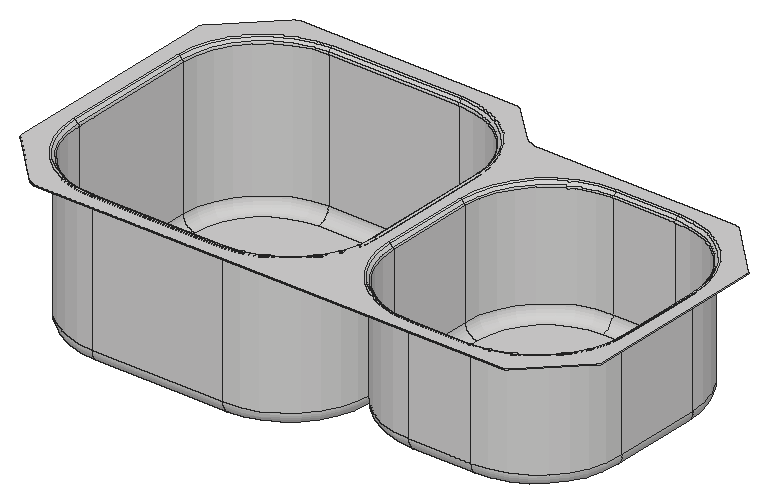
Revit family "Sink-Kitchen-KOHLER-Undertone-K-3356", category Plumbing Fixtures, host Face, Revit 2015 (continued)
Definition of nested family "K-3356"
  Lines and regions (in)
    Masking region 2
      outline origin (0, 0, 0) x (0, 1, 0) y (0, 0, 1)
        loop
          arc (5.55645, -12.56381) -> (5.58722, -12.55556) -> (5.60974, -12.53305) r 0.06152
          line (5.60974, -12.53305) -> (5.75547, -12.28062) -> (5.75547, -11.96981) -> (5.62097, -11.96981) -> (5.62097, -11.57886)
          arc (5.62097, -11.57886) -> (5.68774, -11.36712) -> (5.86388, -11.23196) r 0.36917
          line (5.86388, -11.23196) -> (6.24979, -11.0915)
          arc (6.24979, -11.0915) -> (6.30697, -11.0463) -> (6.32587, -10.97591) r 0.11592
          line (6.32587, -10.97591) -> (6.36862, -10.93316) -> (6.36862, -10.64881) -> (6.49662, -10.64881)
          arc (6.49662, -10.64881) -> (6.51702, -10.64036) -> (6.52547, -10.61995) r 0.02885
          line (6.52547, -10.61995) -> (6.52547, -10.54817)
          arc (6.52547, -10.54817) -> (6.54286, -10.50619) -> (6.58483, -10.48881) r 0.05936
          line (6.58483, -10.48881) -> (6.90495, -10.48881)
          arc (6.90495, -10.48881) -> (6.92653, -10.47987) -> (6.93547, -10.45828) r 0.03053
          line (6.93547, -10.45828) -> (6.93547, -9.83569) -> (6.36862, -9.83569) -> (6.36862, -9.75) -> (6.87477, -9.75) -> (6.94793, -9.72623)
          arc (6.94793, -9.72623) -> (6.9725, -9.71371) -> (6.992, -9.69421) r 0.08813
          line (6.992, -9.69421) -> (7.03905, -9.62945)
          arc (7.03905, -9.62945) -> (7.06063, -9.60895) -> (7.08813, -9.59752) r 0.08187
          line (7.08813, -9.59752) -> (8.15582, -9.36871)
          arc (8.15582, -9.36871) -> (8.79459, -9.35347) -> (9.43331, -9.33689) r 302.93131
          arc (9.43331, -9.33689) -> (10.00223, -9.10123) -> (10.23789, -8.53231) r 0.80457
          line (10.23789, -8.53231) -> (10.23789, -0.31258)
          arc (10.23789, -0.31258) -> (10.24572, -0.27322) -> (10.26801, -0.23986) r 0.10285
          line (10.26801, -0.23986) -> (10.43, -0.07787)
          arc (10.43, -0.07787) -> (10.46308, -0.05576) -> (10.50211, -0.048) r 0.10199
          line (10.50211, -0.048) -> (11.3125, -0.048) -> (11.3125, 0) -> (-8.8125, 0) -> (-8.8125, -0.048)
    Masking region 3
      outline origin (0, 0, 0) x (1, 0, 0) y (0, 1, 0)
        loop
          line (-24.01792, 11.17406) -> (-26.98656, 8.20542)
          arc (-26.98656, 8.20542) -> (-27.08902, 8.05208) -> (-27.125, 7.8712) r 0.47266
          line (-27.125, 7.8712) -> (-27.125, -5.37125)
          arc (-27.125, -5.37125) -> (-27.08902, -5.55212) -> (-26.98656, -5.70546) r 0.47266
          line (-26.98656, -5.70546) -> (-24.01796, -8.67406)
          arc (-24.01796, -8.67406) -> (-23.86462, -8.77652) -> (-23.68375, -8.8125) r 0.47266
          line (-23.68375, -8.8125) -> (4.55974, -8.8125)
          arc (4.55974, -8.8125) -> (4.74061, -8.77652) -> (4.89395, -8.67406) r 0.47266
          line (4.89395, -8.67406) -> (7.86156, -5.70645)
          arc (7.86156, -5.70645) -> (7.96402, -5.55311) -> (8, -5.37224) r 0.47266
          line (8, -5.37224) -> (8, 5.37219)
          arc (8, 5.37219) -> (7.96402, 5.55307) -> (7.86156, 5.70641) r 0.47266
          line (7.86156, 5.70641) -> (4.89391, 8.67406)
          arc (4.89391, 8.67406) -> (4.74057, 8.77652) -> (4.55969, 8.8125) r 0.47266
          line (4.55969, 8.8125) -> (-7.29594, 8.8125)
          arc (-7.29594, 8.8125) -> (-7.87668, 8.92802) -> (-8.369, 9.25698) r 1.51754
          line (-8.369, 9.25698) -> (-10.28588, 11.17385)
          arc (-10.28588, 11.17385) -> (-10.43945, 11.27647) -> (-10.6206, 11.3125) r 0.47337
          line (-10.6206, 11.3125) -> (-23.6837, 11.3125)
          arc (-23.6837, 11.3125) -> (-23.86458, 11.27652) -> (-24.01792, 11.17406) r 0.47266
    symbolic lines, detail levels medium+fine
      curve 1: line (-26.31537, 0, -0.048) -> (-7.80963, 0, -0.048)
      curve 2: line (-7.18925, 0, -0.048) -> (7.18925, 0, -0.048)
      curve 3: arc (-13.88217, 0, -9.43043) -> (-17.0625, 0, -9.44486) -> (-20.24283, 0, -9.43043) r 350.49261
      curve 4: line (-18.74362, 0, -9.75) -> (-15.38138, 0, -9.75)
      curve 5: line (-18.74362, 0, -9.83569) -> (-15.38138, 0, -9.83569)
      curve 6: line (-18.95983, 0, -10.48881) -> (-15.16517, 0, -10.48881)
      curve 7: line (-18.74362, 0, -10.64881) -> (-15.38138, 0, -10.64881)
      curve 8: line (-17.99597, 0, -11.96981) -> (-16.12903, 0, -11.96981)
      curve 9: line (-18.13047, 0, -12.28062) -> (-15.99453, 0, -12.28062)
      curve 10: line (-18.74362, 0, -10.93316) -> (-15.38138, 0, -10.93316)
      curve 11: line (-18.70087, 0, -10.97591) -> (-15.42413, 0, -10.97591)
      curve 12: line (-1.68112, 0, -7.75) -> (1.68112, 0, -7.75)
      curve 13: line (-1.68112, 0, -7.83225) -> (1.68112, 0, -7.83225)
      curve 14: line (-1.89733, 0, -8.42225) -> (1.89733, 0, -8.42225)
      curve 15: line (-1.68112, 0, -8.58225) -> (1.68112, 0, -8.58225)
      curve 16: line (-1.68112, 0, -8.86661) -> (1.68112, 0, -8.86661)
      curve 17: line (-1.63837, 0, -8.90936) -> (1.63837, 0, -8.90936)
      curve 18: line (-0.93347, 0, -9.90325) -> (0.93347, 0, -9.90325)
      curve 19: line (-1.06797, 0, -10.21406) -> (1.06797, 0, -10.21406)
      curve 20: arc (-2.40063, 0, -7.53097) -> (0, 0, -7.58285) -> (2.40063, 0, -7.53097) r 55.56216
      curve 21: line (0, 10.50211, -0.048) -> (0, -8.00216, -0.048)
      curve 22: arc (0, 8.15582, -9.36871) -> (0, 4.86572, -9.45539) -> (0, 1.5745, -9.44486) r 111.43555
      curve 23: arc (0, -0.94079, -9.43952) -> (0, -0.00075, -9.44486) -> (0, 0.93931, -9.44728) r 302.93131
      curve 24: line (0, 6.36862, -9.75) -> (0, 3.00638, -9.75)
      curve 25: line (0, 6.36862, -9.83569) -> (0, 3.00638, -9.83569)
      curve 26: line (0, 6.58483, -10.48881) -> (0, 2.79017, -10.48881)
      curve 27: line (0, 6.36862, -10.64881) -> (0, 3.00638, -10.64881)
      curve 28: line (0, 6.36862, -10.93316) -> (0, 3.00638, -10.93316)
      curve 29: line (0, 6.32587, -10.97591) -> (0, 3.04913, -10.97591)
      curve 30: line (0, 5.62097, -11.96981) -> (0, 3.75403, -11.96981)
      curve 31: line (0, 5.75547, -12.28062) -> (0, 3.61953, -12.28062)
      curve 32: line (0, 0.93347, -9.90358) -> (0, -0.93347, -9.90358)
      curve 33: line (0, 1.06797, -10.21406) -> (0, -1.06797, -10.21406)
      curve 34: arc (-17.15808, 5.96722, 0) -> (-17.0625, 6.0628, 0) -> (-16.96692, 5.96722, 0) r 0.09558
      curve 35: arc (-16.96692, 5.96722, 0) -> (-17.0625, 5.87165, 0) -> (-17.15808, 5.96722, 0) r 0.09558
      curve 36: arc (-17.44044, 5.91387, 0) -> (-17.36853, 6.02832, 0) -> (-17.25408, 5.9564, 0) r 0.09558
      curve 37: arc (-17.25408, 5.9564, 0) -> (-17.32599, 5.84196, 0) -> (-17.44044, 5.91387, 0) r 0.09558
      curve 38: arc (-17.70386, 5.79902, 0) -> (-17.65921, 5.9266, 0) -> (-17.53163, 5.88196, 0) r 0.09558
      curve 39: arc (-17.53163, 5.88196, 0) -> (-17.57628, 5.75438, 0) -> (-17.70386, 5.79902, 0) r 0.09558
      curve 40: arc (-17.93511, 5.62844, 0) -> (-17.91998, 5.76276, 0) -> (-17.78566, 5.74762, 0) r 0.09558
      curve 41: arc (-17.78566, 5.74762, 0) -> (-17.8008, 5.61331, 0) -> (-17.93511, 5.62844, 0) r 0.09558
      curve 42: arc (-18.12261, 5.41068, 0) -> (-18.13774, 5.54499, 0) -> (-18.00343, 5.56013, 0) r 0.09558
      curve 43: arc (-18.00343, 5.56013, 0) -> (-17.98829, 5.42581, 0) -> (-18.12261, 5.41068, 0) r 0.09558
      curve 44: arc (-18.25695, 5.15665, 0) -> (-18.30159, 5.28423, 0) -> (-18.17401, 5.32887, 0) r 0.09558
      curve 45: arc (-18.17401, 5.32887, 0) -> (-18.12937, 5.20129, 0) -> (-18.25695, 5.15665, 0) r 0.09558
      curve 46: arc (-18.28886, 5.06546, 0) -> (-18.21695, 4.95101, 0) -> (-18.3314, 4.8791, 0) r 0.09558
      curve 47: arc (-18.3314, 4.8791, 0) -> (-18.40331, 4.99355, 0) -> (-18.28886, 5.06546, 0) r 0.09558
      curve 48: arc (-18.01185, 4.89547, 0) -> (-18.07322, 5.0159, 0) -> (-17.95278, 5.07726, 0) r 0.09558
      curve 49: arc (-17.95278, 5.07726, 0) -> (-17.89142, 4.95683, 0) -> (-18.01185, 4.89547, 0) r 0.09558
      curve 50: arc (-17.66364, 4.92421, 0) -> (-17.69863, 5.05477, 0) -> (-17.56807, 5.08975, 0) r 0.09558
      curve 51: arc (-17.56807, 5.08975, 0) -> (-17.53308, 4.95919, 0) -> (-17.66364, 4.92421, 0) r 0.09558
      curve 52: arc (-17.78877, 5.3333, 0) -> (-17.76762, 5.1998, 0) -> (-17.90112, 5.17866, 0) r 0.09558
      curve 53: arc (-17.90112, 5.17866, 0) -> (-17.92227, 5.31216, 0) -> (-17.78877, 5.3333, 0) r 0.09558
      curve 54: arc (-17.46475, 5.19307, 0) -> (-17.42977, 5.32363, 0) -> (-17.29921, 5.28864, 0) r 0.09558
      curve 55: arc (-17.29921, 5.28864, 0) -> (-17.33419, 5.15808, 0) -> (-17.46475, 5.19307, 0) r 0.09558
      curve 56: arc (-17.7083, 5.41377, 0) -> (-17.5748, 5.39262, 0) -> (-17.55366, 5.52612, 0) r 0.09558
      curve 57: arc (-17.55366, 5.52612, 0) -> (-17.68716, 5.54727, 0) -> (-17.7083, 5.41377, 0) r 0.09558
      curve 58: arc (-17.45226, 5.57778, 0) -> (-17.3909, 5.69822, 0) -> (-17.27047, 5.63685, 0) r 0.09558
      curve 59: arc (-17.27047, 5.63685, 0) -> (-17.33183, 5.51642, 0) -> (-17.45226, 5.57778, 0) r 0.09558
      curve 60: arc (-17.15808, 5.65465, 0) -> (-17.0625, 5.75023, 0) -> (-16.96692, 5.65465, 0) r 0.09558
      curve 61: arc (-16.96692, 5.65465, 0) -> (-17.0625, 5.55908, 0) -> (-17.15808, 5.65465, 0) r 0.09558
      curve 62: arc (-17.15808, 5.32646, 0) -> (-17.0625, 5.42204, 0) -> (-16.96692, 5.32646, 0) r 0.09558
      curve 63: arc (-16.96692, 5.32646, 0) -> (-17.0625, 5.23088, 0) -> (-17.15808, 5.32646, 0) r 0.09558
      curve 64: arc (-15.78278, 4.78308, 0) -> (-15.6872, 4.6875, 0) -> (-15.78278, 4.59192, 0) r 0.09558
      curve 65: arc (-15.78278, 4.59192, 0) -> (-15.87835, 4.6875, 0) -> (-15.78278, 4.78308, 0) r 0.09558
      curve 66: arc (-15.83613, 5.06544, 0) -> (-15.72168, 4.99353, 0) -> (-15.7936, 4.87908, 0) r 0.09558
      curve 67: arc (-15.7936, 4.87908, 0) -> (-15.90804, 4.95099, 0) -> (-15.83613, 5.06544, 0) r 0.09558
      curve 68: arc (-15.95098, 5.32886, 0) -> (-15.8234, 5.28421, 0) -> (-15.86804, 5.15663, 0) r 0.09558
      curve 69: arc (-15.86804, 5.15663, 0) -> (-15.99562, 5.20128, 0) -> (-15.95098, 5.32886, 0) r 0.09558
      curve 70: arc (-16.12156, 5.56011, 0) -> (-15.98724, 5.54498, 0) -> (-16.00238, 5.41066, 0) r 0.09558
      curve 71: arc (-16.00238, 5.41066, 0) -> (-16.13669, 5.4258, 0) -> (-16.12156, 5.56011, 0) r 0.09558
      curve 72: arc (-16.33932, 5.74761, 0) -> (-16.20501, 5.76274, 0) -> (-16.18987, 5.62843, 0) r 0.09558
      curve 73: arc (-16.18987, 5.62843, 0) -> (-16.32419, 5.61329, 0) -> (-16.33932, 5.74761, 0) r 0.09558
      curve 74: arc (-16.59335, 5.88195, 0) -> (-16.46577, 5.92659, 0) -> (-16.42113, 5.79901, 0) r 0.09558
      curve 75: arc (-16.42113, 5.79901, 0) -> (-16.54871, 5.75437, 0) -> (-16.59335, 5.88195, 0) r 0.09558
      curve 76: arc (-16.68454, 5.91386, 0) -> (-16.79899, 5.84195, 0) -> (-16.8709, 5.9564, 0) r 0.09558
      curve 77: arc (-16.8709, 5.9564, 0) -> (-16.75645, 6.02831, 0) -> (-16.68454, 5.91386, 0) r 0.09558
      curve 78: arc (-16.85453, 5.63685, 0) -> (-16.7341, 5.69822, 0) -> (-16.67274, 5.57778, 0) r 0.09558
      curve 79: arc (-16.67274, 5.57778, 0) -> (-16.79317, 5.51642, 0) -> (-16.85453, 5.63685, 0) r 0.09558
      curve 80: arc (-16.82579, 5.28864, 0) -> (-16.69523, 5.32363, 0) -> (-16.66025, 5.19307, 0) r 0.09558
      curve 81: arc (-16.66025, 5.19307, 0) -> (-16.79081, 5.15808, 0) -> (-16.82579, 5.28864, 0) r 0.09558
      curve 82: arc (-16.4167, 5.41377, 0) -> (-16.5502, 5.39262, 0) -> (-16.57134, 5.52612, 0) r 0.09558
      curve 83: arc (-16.57134, 5.52612, 0) -> (-16.43784, 5.54727, 0) -> (-16.4167, 5.41377, 0) r 0.09558
      curve 84: arc (-16.55693, 5.08975, 0) -> (-16.42637, 5.05477, 0) -> (-16.46136, 4.92421, 0) r 0.09558
      curve 85: arc (-16.46136, 4.92421, 0) -> (-16.59192, 4.95919, 0) -> (-16.55693, 5.08975, 0) r 0.09558
      curve 86: arc (-16.33623, 5.3333, 0) -> (-16.35738, 5.1998, 0) -> (-16.22388, 5.17866, 0) r 0.09558
      curve 87: arc (-16.22388, 5.17866, 0) -> (-16.20273, 5.31216, 0) -> (-16.33623, 5.3333, 0) r 0.09558
      curve 88: arc (-16.17222, 5.07726, 0) -> (-16.05178, 5.0159, 0) -> (-16.11315, 4.89547, 0) r 0.09558
      curve 89: arc (-16.11315, 4.89547, 0) -> (-16.23358, 4.95683, 0) -> (-16.17222, 5.07726, 0) r 0.09558
      curve 90: arc (-16.09535, 4.78308, 0) -> (-15.99977, 4.6875, 0) -> (-16.09535, 4.59192, 0) r 0.09558
      curve 91: arc (-16.09535, 4.59192, 0) -> (-16.19092, 4.6875, 0) -> (-16.09535, 4.78308, 0) r 0.09558
      curve 92: arc (-16.42354, 4.78308, 0) -> (-16.32796, 4.6875, 0) -> (-16.42354, 4.59192, 0) r 0.09558
      curve 93: arc (-16.42354, 4.59192, 0) -> (-16.51912, 4.6875, 0) -> (-16.42354, 4.78308, 0) r 0.09558
      curve 94: arc (-16.96692, 3.40778, 0) -> (-17.0625, 3.3122, 0) -> (-17.15808, 3.40778, 0) r 0.09558
      curve 95: arc (-17.15808, 3.40778, 0) -> (-17.0625, 3.50335, 0) -> (-16.96692, 3.40778, 0) r 0.09558
      curve 96: arc (-16.68456, 3.46113, 0) -> (-16.75647, 3.34668, 0) -> (-16.87092, 3.4186, 0) r 0.09558
      curve 97: arc (-16.87092, 3.4186, 0) -> (-16.79901, 3.53304, 0) -> (-16.68456, 3.46113, 0) r 0.09558
      curve 98: arc (-16.42114, 3.57598, 0) -> (-16.46579, 3.4484, 0) -> (-16.59337, 3.49304, 0) r 0.09558
      curve 99: arc (-16.59337, 3.49304, 0) -> (-16.54872, 3.62062, 0) -> (-16.42114, 3.57598, 0) r 0.09558
      curve 100: arc (-16.18989, 3.74656, 0) -> (-16.20502, 3.61224, 0) -> (-16.33934, 3.62738, 0) r 0.09558
      curve 101: arc (-16.33934, 3.62738, 0) -> (-16.3242, 3.76169, 0) -> (-16.18989, 3.74656, 0) r 0.09558
      curve 102: arc (-16.00239, 3.96432, 0) -> (-15.98726, 3.83001, 0) -> (-16.12157, 3.81487, 0) r 0.09558
      curve 103: arc (-16.12157, 3.81487, 0) -> (-16.13671, 3.94919, 0) -> (-16.00239, 3.96432, 0) r 0.09558
      curve 104: arc (-15.86805, 4.21835, 0) -> (-15.82341, 4.09077, 0) -> (-15.95099, 4.04613, 0) r 0.09558
      curve 105: arc (-15.95099, 4.04613, 0) -> (-15.99563, 4.17371, 0) -> (-15.86805, 4.21835, 0) r 0.09558
      curve 106: arc (-15.83614, 4.30954, 0) -> (-15.90805, 4.42399, 0) -> (-15.7936, 4.4959, 0) r 0.09558
      curve 107: arc (-15.7936, 4.4959, 0) -> (-15.72169, 4.38145, 0) -> (-15.83614, 4.30954, 0) r 0.09558
      curve 108: arc (-16.11315, 4.47953, 0) -> (-16.05178, 4.3591, 0) -> (-16.17222, 4.29774, 0) r 0.09558
      curve 109: arc (-16.17222, 4.29774, 0) -> (-16.23358, 4.41817, 0) -> (-16.11315, 4.47953, 0) r 0.09558
      curve 110: arc (-16.46136, 4.45079, 0) -> (-16.42637, 4.32023, 0) -> (-16.55693, 4.28525, 0) r 0.09558
      curve 111: arc (-16.55693, 4.28525, 0) -> (-16.59192, 4.41581, 0) -> (-16.46136, 4.45079, 0) r 0.09558
      curve 112: arc (-16.33623, 4.0417, 0) -> (-16.35738, 4.1752, 0) -> (-16.22388, 4.19634, 0) r 0.09558
      curve 113: arc (-16.22388, 4.19634, 0) -> (-16.20273, 4.06284, 0) -> (-16.33623, 4.0417, 0) r 0.09558
      curve 114: arc (-16.66025, 4.18193, 0) -> (-16.69523, 4.05137, 0) -> (-16.82579, 4.08636, 0) r 0.09558
      curve 115: arc (-16.82579, 4.08636, 0) -> (-16.79081, 4.21692, 0) -> (-16.66025, 4.18193, 0) r 0.09558
      curve 116: arc (-16.4167, 3.96123, 0) -> (-16.5502, 3.98238, 0) -> (-16.57134, 3.84888, 0) r 0.09558
      curve 117: arc (-16.57134, 3.84888, 0) -> (-16.43784, 3.82773, 0) -> (-16.4167, 3.96123, 0) r 0.09558
      curve 118: arc (-16.67274, 3.79722, 0) -> (-16.7341, 3.67678, 0) -> (-16.85453, 3.73815, 0) r 0.09558
      curve 119: arc (-16.85453, 3.73815, 0) -> (-16.79317, 3.85858, 0) -> (-16.67274, 3.79722, 0) r 0.09558
      curve 120: arc (-16.96692, 3.72035, 0) -> (-17.0625, 3.62477, 0) -> (-17.15808, 3.72035, 0) r 0.09558
      curve 121: arc (-17.15808, 3.72035, 0) -> (-17.0625, 3.81592, 0) -> (-16.96692, 3.72035, 0) r 0.09558
      curve 122: arc (-16.96692, 4.04854, 0) -> (-17.0625, 3.95296, 0) -> (-17.15808, 4.04854, 0) r 0.09558
      curve 123: arc (-17.15808, 4.04854, 0) -> (-17.0625, 4.14412, 0) -> (-16.96692, 4.04854, 0) r 0.09558
      curve 124: arc (-18.34222, 4.59192, 0) -> (-18.4378, 4.6875, 0) -> (-18.34222, 4.78308, 0) r 0.09558
      curve 125: arc (-18.34222, 4.78308, 0) -> (-18.24665, 4.6875, 0) -> (-18.34222, 4.59192, 0) r 0.09558
      curve 126: arc (-18.28887, 4.30956, 0) -> (-18.40332, 4.38147, 0) -> (-18.3314, 4.49592, 0) r 0.09558
      curve 127: arc (-18.3314, 4.49592, 0) -> (-18.21696, 4.42401, 0) -> (-18.28887, 4.30956, 0) r 0.09558
      curve 128: arc (-18.17402, 4.04614, 0) -> (-18.3016, 4.09079, 0) -> (-18.25696, 4.21837, 0) r 0.09558
      curve 129: arc (-18.25696, 4.21837, 0) -> (-18.12938, 4.17372, 0) -> (-18.17402, 4.04614, 0) r 0.09558
      curve 130: arc (-18.00344, 3.81489, 0) -> (-18.13776, 3.83002, 0) -> (-18.12262, 3.96434, 0) r 0.09558
      curve 131: arc (-18.12262, 3.96434, 0) -> (-17.98831, 3.9492, 0) -> (-18.00344, 3.81489, 0) r 0.09558
      curve 132: arc (-17.78568, 3.62739, 0) -> (-17.91999, 3.61226, 0) -> (-17.93513, 3.74657, 0) r 0.09558
      curve 133: arc (-17.93513, 3.74657, 0) -> (-17.80081, 3.76171, 0) -> (-17.78568, 3.62739, 0) r 0.09558
      curve 134: arc (-17.53165, 3.49305, 0) -> (-17.65923, 3.44841, 0) -> (-17.70387, 3.57599, 0) r 0.09558
      curve 135: arc (-17.70387, 3.57599, 0) -> (-17.57629, 3.62063, 0) -> (-17.53165, 3.49305, 0) r 0.09558
      curve 136: arc (-17.44046, 3.46114, 0) -> (-17.32601, 3.53305, 0) -> (-17.2541, 3.4186, 0) r 0.09558
      curve 137: arc (-17.2541, 3.4186, 0) -> (-17.36855, 3.34669, 0) -> (-17.44046, 3.46114, 0) r 0.09558
      curve 138: arc (-17.27047, 3.73815, 0) -> (-17.3909, 3.67678, 0) -> (-17.45226, 3.79722, 0) r 0.09558
      curve 139: arc (-17.45226, 3.79722, 0) -> (-17.33183, 3.85858, 0) -> (-17.27047, 3.73815, 0) r 0.09558
      curve 140: arc (-17.29921, 4.08636, 0) -> (-17.42977, 4.05137, 0) -> (-17.46475, 4.18193, 0) r 0.09558
      curve 141: arc (-17.46475, 4.18193, 0) -> (-17.33419, 4.21692, 0) -> (-17.29921, 4.08636, 0) r 0.09558
      curve 142: arc (-17.7083, 3.96123, 0) -> (-17.5748, 3.98238, 0) -> (-17.55366, 3.84888, 0) r 0.09558
      curve 143: arc (-17.55366, 3.84888, 0) -> (-17.68716, 3.82773, 0) -> (-17.7083, 3.96123, 0) r 0.09558
      curve 144: arc (-17.56807, 4.28525, 0) -> (-17.69863, 4.32023, 0) -> (-17.66364, 4.45079, 0) r 0.09558
      curve 145: arc (-17.66364, 4.45079, 0) -> (-17.53308, 4.41581, 0) -> (-17.56807, 4.28525, 0) r 0.09558
      curve 146: arc (-17.78877, 4.0417, 0) -> (-17.76762, 4.1752, 0) -> (-17.90112, 4.19634, 0) r 0.09558
      curve 147: arc (-17.90112, 4.19634, 0) -> (-17.92227, 4.06284, 0) -> (-17.78877, 4.0417, 0) r 0.09558
      curve 148: arc (-17.95278, 4.29774, 0) -> (-18.07322, 4.3591, 0) -> (-18.01185, 4.47953, 0) r 0.09558
      curve 149: arc (-18.01185, 4.47953, 0) -> (-17.89142, 4.41817, 0) -> (-17.95278, 4.29774, 0) r 0.09558
      curve 150: arc (-18.02965, 4.59192, 0) -> (-18.12523, 4.6875, 0) -> (-18.02965, 4.78308, 0) r 0.09558
      curve 151: arc (-18.02965, 4.78308, 0) -> (-17.93408, 4.6875, 0) -> (-18.02965, 4.59192, 0) r 0.09558
      curve 152: arc (-17.70146, 4.59192, 0) -> (-17.79704, 4.6875, 0) -> (-17.70146, 4.78308, 0) r 0.09558
      curve 153: arc (-17.70146, 4.78308, 0) -> (-17.60588, 4.6875, 0) -> (-17.70146, 4.59192, 0) r 0.09558
      curve 157: line (-20.99924, 10.07379, 0) -> (-13.12576, 10.07379, 0)
      curve 159: line (-25.88633, 5.18671, 0) -> (-25.88633, -2.68675, 0)
      curve 163: arc (-20.99924, 10.07379, 0) -> (-24.45493, 8.6424, 0) -> (-25.88633, 5.18671, 0) r 4.88709
      curve 167: line (-20.99924, -7.57384, 0) -> (-13.12576, -7.57384, 0)
      curve 170: arc (-13.12576, 10.07379, 0) -> (-9.67007, 8.6424, 0) -> (-8.23867, 5.18671, 0) r 4.88709
      curve 171: arc (-20.99924, -7.57384, 0) -> (-24.45493, -6.14244, 0) -> (-25.88633, -2.68675, 0) r 4.88709
      curve 172: arc (-13.12576, -7.57384, 0) -> (-9.67007, -6.14244, 0) -> (-8.23867, -2.68675, 0) r 4.88709
      curve 311: arc (-15.99562, 5.20129, 0) -> (-15.86805, 5.15665, 0) -> (-15.8234, 5.28422, 0) r 0.09558
      curve 312: arc (-15.83614, 5.06546, 0) -> (-15.90805, 4.95102, 0) -> (-15.7936, 4.8791, 0) r 0.09558
      curve 313: arc (-15.7936, 4.8791, 0) -> (-15.72169, 4.99355, 0) -> (-15.83614, 5.06546, 0) r 0.09558
      curve 314: arc (-15.78278, 4.59192, 0) -> (-15.6872, 4.6875, 0) -> (-15.78278, 4.78308, 0) r 0.09558
      curve 315: arc (-15.78278, 4.78308, 0) -> (-15.87835, 4.6875, 0) -> (-15.78278, 4.59192, 0) r 0.09558
      curve 316: arc (-15.83613, 4.30956, 0) -> (-15.72168, 4.38147, 0) -> (-15.79359, 4.49592, 0) r 0.09558
      curve 317: arc (-15.79359, 4.49592, 0) -> (-15.90804, 4.42401, 0) -> (-15.83613, 4.30956, 0) r 0.09558
      curve 318: arc (-15.99562, 4.17371, 0) -> (-15.95098, 4.04615, 0) -> (-15.8234, 4.09078, 0) r 0.09558
      curve 364: circle (-17.0625, 4.6875, 0) r 0.30557 normal (0, 0, 1)
      curve 365: line (-8.23867, 5.18671, 0) -> (-8.23867, -2.68675, 0)
      curve 366: circle (0, 0, 0) r 0.30897 normal (0, 0, 1)
      curve 369: arc (-0.09558, 1.27972, 0) -> (0, 1.3753, 0) -> (0.09558, 1.27972, 0) r 0.09558
      curve 370: arc (0.09558, 1.27972, 0) -> (0, 1.18415, 0) -> (-0.09558, 1.27972, 0) r 0.09558
      curve 371: arc (-0.37794, 1.22637, 0) -> (-0.30603, 1.34082, 0) -> (-0.19158, 1.2689, 0) r 0.09558
      curve 372: arc (-0.19158, 1.2689, 0) -> (-0.26349, 1.15446, 0) -> (-0.37794, 1.22637, 0) r 0.09558
      curve 373: arc (-0.64136, 1.11152, 0) -> (-0.59671, 1.2391, 0) -> (-0.46913, 1.19446, 0) r 0.09558
      curve 374: arc (-0.46913, 1.19446, 0) -> (-0.51378, 1.06688, 0) -> (-0.64136, 1.11152, 0) r 0.09558
      curve 375: arc (-0.87261, 0.94094, 0) -> (-0.85748, 1.07526, 0) -> (-0.72316, 1.06012, 0) r 0.09558
      curve 376: arc (-0.72316, 1.06012, 0) -> (-0.7383, 0.92581, 0) -> (-0.87261, 0.94094, 0) r 0.09558
      curve 377: arc (-0.94093, 0.87263, 0) -> (-0.92579, 0.73831, 0) -> (-1.06011, 0.72318, 0) r 0.09558
      curve 378: arc (-1.06011, 0.72318, 0) -> (-1.07524, 0.85749, 0) -> (-0.94093, 0.87263, 0) r 0.09558
      curve 379: arc (-1.19445, 0.46915, 0) -> (-1.23909, 0.59673, 0) -> (-1.11151, 0.64137, 0) r 0.09558
      curve 380: arc (-1.11151, 0.64137, 0) -> (-1.06687, 0.51379, 0) -> (-1.19445, 0.46915, 0) r 0.09558
      curve 381: arc (-1.2689, 0.1916, 0) -> (-1.34081, 0.30605, 0) -> (-1.22636, 0.37796, 0) r 0.09558
      curve 382: arc (-1.22636, 0.37796, 0) -> (-1.15445, 0.26351, 0) -> (-1.2689, 0.1916, 0) r 0.09558
      curve 383: arc (-0.94935, 0.20797, 0) -> (-1.01072, 0.3284, 0) -> (-0.89028, 0.38976, 0) r 0.09558
      curve 384: arc (-0.89028, 0.38976, 0) -> (-0.82892, 0.26933, 0) -> (-0.94935, 0.20797, 0) r 0.09558
      curve 385: arc (-0.72627, 0.6458, 0) -> (-0.85977, 0.62466, 0) -> (-0.83862, 0.49116, 0) r 0.09558
      curve 386: arc (-0.83862, 0.49116, 0) -> (-0.70512, 0.5123, 0) -> (-0.72627, 0.6458, 0) r 0.09558
      curve 387: arc (-0.49116, 0.83862, 0) -> (-0.62466, 0.85977, 0) -> (-0.6458, 0.72627, 0) r 0.09558
      curve 388: arc (-0.6458, 0.72627, 0) -> (-0.5123, 0.70512, 0) -> (-0.49116, 0.83862, 0) r 0.09558
      curve 389: arc (-0.20797, 0.94935, 0) -> (-0.3284, 1.01072, 0) -> (-0.38976, 0.89028, 0) r 0.09558
      curve 390: arc (-0.38976, 0.89028, 0) -> (-0.26933, 0.82892, 0) -> (-0.20797, 0.94935, 0) r 0.09558
      curve 391: arc (0.09558, 0.96715, 0) -> (0, 1.06273, 0) -> (-0.09558, 0.96715, 0) r 0.09558
      curve 392: arc (-0.09558, 0.96715, 0) -> (0, 0.87158, 0) -> (0.09558, 0.96715, 0) r 0.09558
      curve 393: arc (0.09558, 0.63896, 0) -> (0, 0.73454, 0) -> (-0.09558, 0.63896, 0) r 0.09558
      curve 394: arc (-0.09558, 0.63896, 0) -> (0, 0.54338, 0) -> (0.09558, 0.63896, 0) r 0.09558
      curve 395: arc (-0.23671, 0.60114, 0) -> (-0.36727, 0.63613, 0) -> (-0.40225, 0.50557, 0) r 0.09558
      curve 396: arc (-0.40225, 0.50557, 0) -> (-0.27169, 0.47058, 0) -> (-0.23671, 0.60114, 0) r 0.09558
      curve 397: arc (-0.60114, 0.23671, 0) -> (-0.47058, 0.27169, 0) -> (-0.50557, 0.40225, 0) r 0.09558
      curve 398: arc (-0.50557, 0.40225, 0) -> (-0.63613, 0.36727, 0) -> (-0.60114, 0.23671, 0) r 0.09558
      curve 399: arc (1.27972, 0.09558, 0) -> (1.3753, 0, 0) -> (1.27972, -0.09558, 0) r 0.09558
      curve 400: arc (1.27972, -0.09558, 0) -> (1.18415, 0, 0) -> (1.27972, 0.09558, 0) r 0.09558
      curve 401: arc (1.22637, 0.37794, 0) -> (1.34082, 0.30603, 0) -> (1.2689, 0.19158, 0) r 0.09558
      curve 402: arc (1.2689, 0.19158, 0) -> (1.15446, 0.26349, 0) -> (1.22637, 0.37794, 0) r 0.09558
      curve 403: arc (1.11152, 0.64136, 0) -> (1.2391, 0.59671, 0) -> (1.19446, 0.46913, 0) r 0.09558
      curve 404: arc (1.19446, 0.46913, 0) -> (1.06688, 0.51378, 0) -> (1.11152, 0.64136, 0) r 0.09558
      curve 405: arc (0.94094, 0.87261, 0) -> (1.07526, 0.85748, 0) -> (1.06012, 0.72316, 0) r 0.09558
      curve 406: arc (1.06012, 0.72316, 0) -> (0.92581, 0.7383, 0) -> (0.94094, 0.87261, 0) r 0.09558
      curve 407: arc (0.87263, 0.94093, 0) -> (0.73831, 0.92579, 0) -> (0.72318, 1.06011, 0) r 0.09558
      curve 408: arc (0.72318, 1.06011, 0) -> (0.85749, 1.07524, 0) -> (0.87263, 0.94093, 0) r 0.09558
      curve 409: arc (0.46915, 1.19445, 0) -> (0.59673, 1.23909, 0) -> (0.64137, 1.11151, 0) r 0.09558
      curve 410: arc (0.64137, 1.11151, 0) -> (0.51379, 1.06687, 0) -> (0.46915, 1.19445, 0) r 0.09558
      curve 411: arc (0.1916, 1.2689, 0) -> (0.30605, 1.34081, 0) -> (0.37796, 1.22636, 0) r 0.09558
      curve 412: arc (0.37796, 1.22636, 0) -> (0.26351, 1.15445, 0) -> (0.1916, 1.2689, 0) r 0.09558
      curve 413: arc (0.20797, 0.94935, 0) -> (0.3284, 1.01072, 0) -> (0.38976, 0.89028, 0) r 0.09558
      curve 414: arc (0.38976, 0.89028, 0) -> (0.26933, 0.82892, 0) -> (0.20797, 0.94935, 0) r 0.09558
      curve 415: arc (0.6458, 0.72627, 0) -> (0.62466, 0.85977, 0) -> (0.49116, 0.83862, 0) r 0.09558
      curve 416: arc (0.49116, 0.83862, 0) -> (0.5123, 0.70512, 0) -> (0.6458, 0.72627, 0) r 0.09558
      curve 417: arc (0.83862, 0.49116, 0) -> (0.85977, 0.62466, 0) -> (0.72627, 0.6458, 0) r 0.09558
      curve 418: arc (0.72627, 0.6458, 0) -> (0.70512, 0.5123, 0) -> (0.83862, 0.49116, 0) r 0.09558
      curve 419: arc (0.94935, 0.20797, 0) -> (1.01072, 0.3284, 0) -> (0.89028, 0.38976, 0) r 0.09558
      curve 420: arc (0.89028, 0.38976, 0) -> (0.82892, 0.26933, 0) -> (0.94935, 0.20797, 0) r 0.09558
      curve 421: arc (0.96715, -0.09558, 0) -> (1.06273, 0, 0) -> (0.96715, 0.09558, 0) r 0.09558
      curve 422: arc (0.96715, 0.09558, 0) -> (0.87158, 0, 0) -> (0.96715, -0.09558, 0) r 0.09558
      curve 423: arc (0.63896, -0.09558, 0) -> (0.73454, 0, 0) -> (0.63896, 0.09558, 0) r 0.09558
      curve 424: arc (0.63896, 0.09558, 0) -> (0.54338, 0, 0) -> (0.63896, -0.09558, 0) r 0.09558
      curve 425: arc (0.60114, 0.23671, 0) -> (0.63613, 0.36727, 0) -> (0.50557, 0.40225, 0) r 0.09558
      curve 426: arc (0.50557, 0.40225, 0) -> (0.47058, 0.27169, 0) -> (0.60114, 0.23671, 0) r 0.09558
      curve 427: arc (0.23671, 0.60114, 0) -> (0.27169, 0.47058, 0) -> (0.40225, 0.50557, 0) r 0.09558
      curve 428: arc (0.40225, 0.50557, 0) -> (0.36727, 0.63613, 0) -> (0.23671, 0.60114, 0) r 0.09558
      curve 429: arc (0.09558, -1.27972, 0) -> (0, -1.3753, 0) -> (-0.09558, -1.27972, 0) r 0.09558
      curve 430: arc (-0.09558, -1.27972, 0) -> (0, -1.18415, 0) -> (0.09558, -1.27972, 0) r 0.09558
      curve 431: arc (0.37794, -1.22637, 0) -> (0.30603, -1.34082, 0) -> (0.19158, -1.2689, 0) r 0.09558
      curve 432: arc (0.19158, -1.2689, 0) -> (0.26349, -1.15446, 0) -> (0.37794, -1.22637, 0) r 0.09558
      curve 433: arc (0.64136, -1.11152, 0) -> (0.59671, -1.2391, 0) -> (0.46913, -1.19446, 0) r 0.09558
      curve 434: arc (0.46913, -1.19446, 0) -> (0.51378, -1.06688, 0) -> (0.64136, -1.11152, 0) r 0.09558
      curve 435: arc (0.87261, -0.94094, 0) -> (0.85748, -1.07526, 0) -> (0.72316, -1.06012, 0) r 0.09558
      curve 436: arc (0.72316, -1.06012, 0) -> (0.7383, -0.92581, 0) -> (0.87261, -0.94094, 0) r 0.09558
      curve 437: arc (0.94093, -0.87263, 0) -> (0.92579, -0.73831, 0) -> (1.06011, -0.72318, 0) r 0.09558
      curve 438: arc (1.06011, -0.72318, 0) -> (1.07524, -0.85749, 0) -> (0.94093, -0.87263, 0) r 0.09558
      curve 439: arc (1.19445, -0.46915, 0) -> (1.23909, -0.59673, 0) -> (1.11151, -0.64137, 0) r 0.09558
      curve 440: arc (1.11151, -0.64137, 0) -> (1.06687, -0.51379, 0) -> (1.19445, -0.46915, 0) r 0.09558
      curve 441: arc (1.2689, -0.1916, 0) -> (1.34081, -0.30605, 0) -> (1.22636, -0.37796, 0) r 0.09558
      curve 442: arc (1.22636, -0.37796, 0) -> (1.15445, -0.26351, 0) -> (1.2689, -0.1916, 0) r 0.09558
      curve 443: arc (0.94935, -0.20797, 0) -> (1.01072, -0.3284, 0) -> (0.89028, -0.38976, 0) r 0.09558
      curve 444: arc (0.89028, -0.38976, 0) -> (0.82892, -0.26933, 0) -> (0.94935, -0.20797, 0) r 0.09558
      curve 445: arc (0.72627, -0.6458, 0) -> (0.85977, -0.62466, 0) -> (0.83862, -0.49116, 0) r 0.09558
      curve 446: arc (0.83862, -0.49116, 0) -> (0.70512, -0.5123, 0) -> (0.72627, -0.6458, 0) r 0.09558
      curve 447: arc (0.49116, -0.83862, 0) -> (0.62466, -0.85977, 0) -> (0.6458, -0.72627, 0) r 0.09558
      curve 448: arc (0.6458, -0.72627, 0) -> (0.5123, -0.70512, 0) -> (0.49116, -0.83862, 0) r 0.09558
      curve 449: arc (0.20797, -0.94935, 0) -> (0.3284, -1.01072, 0) -> (0.38976, -0.89028, 0) r 0.09558
      curve 450: arc (0.38976, -0.89028, 0) -> (0.26933, -0.82892, 0) -> (0.20797, -0.94935, 0) r 0.09558
      curve 451: arc (-0.09558, -0.96715, 0) -> (0, -1.06273, 0) -> (0.09558, -0.96715, 0) r 0.09558
      curve 452: arc (0.09558, -0.96715, 0) -> (0, -0.87158, 0) -> (-0.09558, -0.96715, 0) r 0.09558
      curve 453: arc (-0.09558, -0.63896, 0) -> (0, -0.73454, 0) -> (0.09558, -0.63896, 0) r 0.09558
      curve 454: arc (0.09558, -0.63896, 0) -> (0, -0.54338, 0) -> (-0.09558, -0.63896, 0) r 0.09558
      curve 455: arc (0.23671, -0.60114, 0) -> (0.36727, -0.63613, 0) -> (0.40225, -0.50557, 0) r 0.09558
      curve 456: arc (0.40225, -0.50557, 0) -> (0.27169, -0.47058, 0) -> (0.23671, -0.60114, 0) r 0.09558
      curve 457: arc (0.60114, -0.23671, 0) -> (0.47058, -0.27169, 0) -> (0.50557, -0.40225, 0) r 0.09558
      curve 458: arc (0.50557, -0.40225, 0) -> (0.63613, -0.36727, 0) -> (0.60114, -0.23671, 0) r 0.09558
      curve 459: arc (-1.27972, -0.09558, 0) -> (-1.3753, 0, 0) -> (-1.27972, 0.09558, 0) r 0.09558
      curve 460: arc (-1.27972, 0.09558, 0) -> (-1.18415, 0, 0) -> (-1.27972, -0.09558, 0) r 0.09558
      curve 461: arc (-1.22637, -0.37794, 0) -> (-1.34082, -0.30603, 0) -> (-1.2689, -0.19158, 0) r 0.09558
      curve 462: arc (-1.2689, -0.19158, 0) -> (-1.15446, -0.26349, 0) -> (-1.22637, -0.37794, 0) r 0.09558
      curve 463: arc (-1.11152, -0.64136, 0) -> (-1.2391, -0.59671, 0) -> (-1.19446, -0.46913, 0) r 0.09558
      curve 464: arc (-1.19446, -0.46913, 0) -> (-1.06688, -0.51378, 0) -> (-1.11152, -0.64136, 0) r 0.09558
      curve 465: arc (-0.94094, -0.87261, 0) -> (-1.07526, -0.85748, 0) -> (-1.06012, -0.72316, 0) r 0.09558
      curve 466: arc (-1.06012, -0.72316, 0) -> (-0.92581, -0.7383, 0) -> (-0.94094, -0.87261, 0) r 0.09558
      curve 467: arc (-0.87263, -0.94093, 0) -> (-0.73831, -0.92579, 0) -> (-0.72318, -1.06011, 0) r 0.09558
      curve 468: arc (-0.72318, -1.06011, 0) -> (-0.85749, -1.07524, 0) -> (-0.87263, -0.94093, 0) r 0.09558
      curve 469: arc (-0.46915, -1.19445, 0) -> (-0.59673, -1.23909, 0) -> (-0.64137, -1.11151, 0) r 0.09558
      curve 470: arc (-0.64137, -1.11151, 0) -> (-0.51379, -1.06687, 0) -> (-0.46915, -1.19445, 0) r 0.09558
      curve 471: arc (-0.1916, -1.2689, 0) -> (-0.30605, -1.34081, 0) -> (-0.37796, -1.22636, 0) r 0.09558
      curve 472: arc (-0.37796, -1.22636, 0) -> (-0.26351, -1.15445, 0) -> (-0.1916, -1.2689, 0) r 0.09558
      curve 473: arc (-0.20797, -0.94935, 0) -> (-0.3284, -1.01072, 0) -> (-0.38976, -0.89028, 0) r 0.09558
      curve 474: arc (-0.38976, -0.89028, 0) -> (-0.26933, -0.82892, 0) -> (-0.20797, -0.94935, 0) r 0.09558
      curve 475: arc (-0.6458, -0.72627, 0) -> (-0.62466, -0.85977, 0) -> (-0.49116, -0.83862, 0) r 0.09558
      curve 476: arc (-0.49116, -0.83862, 0) -> (-0.5123, -0.70512, 0) -> (-0.6458, -0.72627, 0) r 0.09558
      curve 477: arc (-0.83862, -0.49116, 0) -> (-0.85977, -0.62466, 0) -> (-0.72627, -0.6458, 0) r 0.09558
      curve 478: arc (-0.72627, -0.6458, 0) -> (-0.70512, -0.5123, 0) -> (-0.83862, -0.49116, 0) r 0.09558
      curve 479: arc (-0.94935, -0.20797, 0) -> (-1.01072, -0.3284, 0) -> (-0.89028, -0.38976, 0) r 0.09558
      curve 480: arc (-0.89028, -0.38976, 0) -> (-0.82892, -0.26933, 0) -> (-0.94935, -0.20797, 0) r 0.09558
      curve 481: arc (-0.96715, 0.09558, 0) -> (-1.06273, 0, 0) -> (-0.96715, -0.09558, 0) r 0.09558
      curve 482: arc (-0.96715, -0.09558, 0) -> (-0.87158, 0, 0) -> (-0.96715, 0.09558, 0) r 0.09558
      curve 483: arc (-0.63896, 0.09558, 0) -> (-0.73454, 0, 0) -> (-0.63896, -0.09558, 0) r 0.09558
      curve 484: arc (-0.63896, -0.09558, 0) -> (-0.54338, 0, 0) -> (-0.63896, 0.09558, 0) r 0.09558
      curve 485: arc (-0.60114, -0.23671, 0) -> (-0.63613, -0.36727, 0) -> (-0.50557, -0.40225, 0) r 0.09558
      curve 486: arc (-0.50557, -0.40225, 0) -> (-0.47058, -0.27169, 0) -> (-0.60114, -0.23671, 0) r 0.09558
      curve 487: arc (-0.23671, -0.60114, 0) -> (-0.27169, -0.47058, 0) -> (-0.40225, -0.50557, 0) r 0.09558
      curve 488: arc (-0.40225, -0.50557, 0) -> (-0.36727, -0.63613, 0) -> (-0.23671, -0.60114, 0) r 0.09558
      curve 511: line (-1.87617, 7.65848, 0) -> (1.87617, 7.65848, 0)
      curve 514: line (-6.84598, 2.68867, 0) -> (-6.84598, -2.68867, 0)
      curve 519: arc (-1.87617, 7.65848, 0) -> (-5.39036, 6.20286, 0) -> (-6.84598, 2.68867, 0) r 4.96981
      curve 522: arc (1.87617, 7.65848, 0) -> (5.39036, 6.20286, 0) -> (6.84598, 2.68867, 0) r 4.96981
      curve 523: line (-1.87617, -7.65848, 0) -> (1.87617, -7.65848, 0)
      curve 528: arc (-1.87617, -7.65848, 0) -> (-5.39036, -6.20286, 0) -> (-6.84598, -2.68867, 0) r 4.96981
      curve 531: arc (1.87617, -7.65848, 0) -> (5.39036, -6.20286, 0) -> (6.84598, -2.68867, 0) r 4.96981
      curve 532: line (6.84598, 2.68867, 0) -> (6.84598, -2.68867, 0)
      curve 663: circle (-17.0625, 4.6875, 0) r 1.68112 normal (0, 0, -1)
      curve 664: circle (-17.0625, 4.6875, 0) r 1.63837 normal (0, 0, 1)
      curve 665: circle (0, 0, 0) r 1.68112 normal (0, 0, -1)
      curve 666: circle (0, 0, 0) r 1.63837 normal (0, 0, 1)
    symbolic lines, visible <- "Rack", detail levels medium+fine
      curve 154: circle (-17.0625, 4.6875, 0) r 2 normal (0, 0, 1)
      curve 155: circle (-17.0625, 4.6875, 0) r 2.19228 normal (0, 0, 1)
      curve 156: line (-20.9715, 9.65235, 0) -> (-13.1535, 9.65235, 0)
      curve 158: line (-20.97073, 9.84095, 0) -> (-13.15427, 9.84095, 0)
      curve 160: line (-25.53096, 5.10802, 0) -> (-25.53096, -2.72437, 0)
      curve 161: line (-25.71875, 5.09293, 0) -> (-25.71875, -2.86753, 0)
      curve 162: arc (-20.97073, 9.84095, 0) -> (-24.10971, 8.6553, 0) -> (-25.681, 5.6905, 0) r 4.74802
      curve 164: line (-8.59404, 5.10802, 0) -> (-8.59404, -2.72437, 0)
      curve 165: line (-8.40625, 5.10802, 0) -> (-8.40625, -2.72547, 0)
      curve 166: line (-20.97237, -7.28296, 0) -> (-17.35126, -7.28296, 0)
      curve 168: line (-20.97266, -7.47156, 0) -> (-17.35126, -7.47156, 0)
      curve 169: arc (-13.15427, 9.84095, 0) -> (-10.01529, 8.6553, 0) -> (-8.444, 5.6905, 0) r 4.74802
      curve 173: arc (-25.53096, -2.72437, 0) -> (-25.5304, -2.79596, 0) -> (-25.52871, -2.86753, 0) r 4.55859
      curve 174: arc (-13.15263, -7.28296, 0) -> (-10.19593, -6.19404, 0) -> (-8.65176, -3.44751, 0) r 4.55859
      curve 175: arc (-25.71875, -2.72547, 0) -> (-25.71822, -2.79651, 0) -> (-25.71663, -2.86753, 0) r 4.74609
      curve 176: arc (-13.15234, -7.47156, 0) -> (-10.06215, -6.32771, 0) -> (-8.46149, -3.44751, 0) r 4.74609
      curve 177: line (-23.29103, 9.01825, 0) -> (-10.83397, 9.01825, 0)
      curve 178: line (-10.66399, 8.91271, 0) -> (-23.46101, 8.91271, 0)
      curve 179: line (-24.20715, 8.30525, 0) -> (-9.91785, 8.30525, 0)
      curve 180: line (-9.81638, 8.19971, 0) -> (-24.30862, 8.19971, 0)
      curve 181: line (-24.78488, 7.59225, 0) -> (-9.34012, 7.59225, 0)
      curve 182: line (-9.273, 7.48671, 0) -> (-24.852, 7.48671, 0)
      curve 183: line (-25.16645, 6.87925, 0) -> (-8.95855, 6.87925, 0)
      curve 184: line (-8.91516, 6.77371, 0) -> (-16.38883, 6.77371, 0)
      curve 185: line (-25.40282, 6.16625, 0) -> (-18.68095, 6.16625, 0)
      curve 186: line (-8.69794, 6.06071, 0) -> (-15.35359, 6.06071, 0)
      curve 187: line (-25.15625, 5.45424, 0) -> (-19.11633, 5.45424, 0)
      curve 188: line (-8.96875, 5.35008, 0) -> (-14.97275, 5.35008, 0)
      curve 189: line (-25.53096, 4.74048, 0) -> (-19.25414, 4.74048, 0)
      curve 190: line (-8.59404, 4.63494, 0) -> (-14.87085, 4.63494, 0)
      curve 191: line (-25.53096, 4.02729, 0) -> (-19.15301, 4.02729, 0)
      curve 192: line (-8.59404, 3.92175, 0) -> (-15.0083, 3.92175, 0)
      curve 193: line (-25.53096, 3.31428, 0) -> (-18.77141, 3.31428, 0)
      curve 194: line (-8.59404, 3.20874, 0) -> (-15.44406, 3.20874, 0)
      curve 195: line (-25.53096, 2.60127, 0) -> (-17.73609, 2.60127, 0)
      curve 196: line (-8.59404, 2.49573, 0) -> (-25.53096, 2.49573, 0)
      curve 197: line (-25.53096, 1.88825, 0) -> (-8.59404, 1.88825, 0)
      curve 198: line (-8.59404, 1.78271, 0) -> (-25.53096, 1.78271, 0)
      curve 199: line (-25.53096, 1.17525, 0) -> (-8.59404, 1.17525, 0)
      curve 200: line (-8.59404, 1.06971, 0) -> (-25.53096, 1.06971, 0)
      curve 201: line (-25.53096, 0.46224, 0) -> (-8.59404, 0.46224, 0)
      curve 202: line (-8.59404, 0.3567, 0) -> (-25.53096, 0.3567, 0)
      curve 203: line (-25.53096, -0.25075, 0) -> (-8.59404, -0.25075, 0)
      curve 204: line (-8.59404, -0.35629, 0) -> (-25.53096, -0.35629, 0)
      curve 205: line (-8.59404, -0.96375, 0) -> (-25.53096, -0.96375, 0)
      curve 206: line (-25.53096, -1.06929, 0) -> (-8.59404, -1.06929, 0)
      curve 207: line (-25.53096, -1.67675, 0) -> (-8.59404, -1.67675, 0)
      curve 208: line (-8.59404, -1.78229, 0) -> (-25.53096, -1.78229, 0)
      curve 209: line (-8.59404, -2.38975, 0) -> (-25.53096, -2.38975, 0)
      curve 210: line (-25.53096, -2.49529, 0) -> (-8.59404, -2.49529, 0)
      curve 211: line (-25.15625, -3.10305, 0) -> (-8.96875, -3.10305, 0)
      curve 212: line (-8.96875, -3.20799, 0) -> (-25.15625, -3.20799, 0)
      curve 213: line (-8.7266, -3.8157, 0) -> (-25.3984, -3.8157, 0)
      curve 214: line (-25.37103, -3.92125, 0) -> (-8.75397, -3.92125, 0)
      curve 215: line (-25.15867, -4.52871, 0) -> (-8.96633, -4.52871, 0)
      curve 216: line (-9.01341, -4.63425, 0) -> (-25.11159, -4.63425, 0)
      curve 217: line (-9.35214, -5.2417, 0) -> (-24.77286, -5.2417, 0)
      curve 218: line (-24.70081, -5.34725, 0) -> (-9.42419, -5.34725, 0)
      curve 219: line (-24.18884, -5.9547, 0) -> (-9.93616, -5.9547, 0)
      curve 220: line (-10.04576, -6.06025, 0) -> (-24.07924, -6.06025, 0)
      curve 221: line (-10.86552, -6.66771, 0) -> (-23.25948, -6.66771, 0)
      curve 222: line (-23.06697, -6.77325, 0) -> (-11.05803, -6.77325, 0)
      curve 223: line (-19.2792, -7.28296, 0) -> (-19.2792, -6.77325, 0)
      curve 224: line (-19.09353, 9.65235, 0) -> (-19.09353, 9.01825, 0)
      curve 225: line (-17.35126, 10.05969, 0) -> (-16.76878, 10.05969, 0)
      curve 226: line (-17.35126, 9.37219, 0) -> (-17.35126, 10.05969, 0)
      curve 227: line (-16.76878, 9.37219, 0) -> (-17.35126, 9.37219, 0)
      curve 228: line (-16.76878, 10.05969, 0) -> (-16.76878, 9.37219, 0)
      curve 229: line (-25.84375, 5.6905, 0) -> (-25.15625, 5.6905, 0)
      curve 230: line (-25.84375, 5.10802, 0) -> (-25.84375, 5.6905, 0)
      curve 231: line (-25.15625, 5.10802, 0) -> (-25.84375, 5.10802, 0)
      curve 232: line (-25.15625, 5.6905, 0) -> (-25.15625, 5.10802, 0)
      curve 233: line (-25.8125, -2.86753, 0) -> (-25.15625, -2.86753, 0)
      curve 234: line (-25.8125, -3.44751, 0) -> (-25.8125, -2.86753, 0)
      curve 235: line (-25.15625, -3.44751, 0) -> (-25.8125, -3.44751, 0)
      curve 236: line (-25.15625, -2.86753, 0) -> (-25.15625, -3.44751, 0)
      curve 237: line (-17.35126, -7.00281, 0) -> (-16.76878, -7.00281, 0)
      curve 238: line (-17.35126, -7.57384, 0) -> (-17.35126, -7.00281, 0)
      curve 239: line (-16.76878, -7.00281, 0) -> (-16.76878, -7.57384, 0)
      curve 240: line (-8.96875, -2.86753, 0) -> (-8.3125, -2.86753, 0)
      curve 241: line (-8.96875, -3.44751, 0) -> (-8.96875, -2.86753, 0)
      curve 242: line (-8.3125, -3.44751, 0) -> (-8.96875, -3.44751, 0)
      curve 243: line (-8.3125, -2.86753, 0) -> (-8.3125, -3.44751, 0)
      curve 244: line (-8.96875, 5.6905, 0) -> (-8.28125, 5.6905, 0)
      curve 245: line (-8.96875, 5.10802, 0) -> (-8.96875, 5.6905, 0)
      curve 246: line (-8.28125, 5.10802, 0) -> (-8.96875, 5.10802, 0)
      curve 247: line (-8.28125, 5.6905, 0) -> (-8.28125, 5.10802, 0)
      curve 248: arc (-25.66351, -3.44751, 0) -> (-24.06285, -6.32771, 0) -> (-20.97266, -7.47156, 0) r 4.74609
      curve 249: arc (-25.47324, -3.44751, 0) -> (-23.92907, -6.19404, 0) -> (-20.97237, -7.28296, 0) r 4.55859
      curve 250: arc (-25.49162, 5.6905, 0) -> (-23.97682, 8.5217, 0) -> (-20.9715, 9.65235, 0) r 4.55946
      curve 251: line (-16.76878, -7.28296, 0) -> (-13.15263, -7.28296, 0)
      curve 252: line (-16.76878, -7.47156, 0) -> (-13.15234, -7.47156, 0)
      curve 253: line (-15.44405, 6.16625, 0) -> (-8.72218, 6.16625, 0)
      curve 254: line (-18.77141, 6.06071, 0) -> (-25.42706, 6.06071, 0)
      curve 255: line (-17.73617, 6.77371, 0) -> (-25.18098, 6.77371, 0)
      curve 256: line (-19.15225, 5.35008, 0) -> (-25.15625, 5.35008, 0)
      curve 257: line (-15.00867, 5.45424, 0) -> (-8.96875, 5.45424, 0)
      curve 258: line (-14.87086, 4.74048, 0) -> (-8.59404, 4.74048, 0)
      curve 259: line (-19.25415, 4.63494, 0) -> (-25.53096, 4.63494, 0)
      curve 260: line (-14.97199, 4.02729, 0) -> (-8.59404, 4.02729, 0)
      curve 261: line (-19.1167, 3.92175, 0) -> (-25.53096, 3.92175, 0)
      curve 262: line (-15.35359, 3.31428, 0) -> (-8.59404, 3.31428, 0)
      curve 263: line (-18.68094, 3.20874, 0) -> (-25.53096, 3.20874, 0)
      curve 264: line (-16.38891, 2.60127, 0) -> (-8.59404, 2.60127, 0)
      curve 265: arc (-8.63338, 5.6905, 0) -> (-10.14818, 8.5217, 0) -> (-13.1535, 9.65235, 0) r 4.55946
      curve 266: arc (-8.59629, -2.86753, 0) -> (-8.5946, -2.79596, 0) -> (-8.59404, -2.72437, 0) r 4.55859
      curve 267: arc (-8.40837, -2.86753, 0) -> (-8.40678, -2.79651, 0) -> (-8.40625, -2.72547, 0) r 4.74609
      curve 268: line (-19.2792, 9.01825, 0) -> (-19.2792, 9.65235, 0)
      curve 269: line (-19.09353, 8.91271, 0) -> (-19.09353, 8.30525, 0)
      curve 270: line (-19.2792, 8.30525, 0) -> (-19.2792, 8.91271, 0)
      curve 271: line (-19.09353, 8.19971, 0) -> (-19.09353, 7.59225, 0)
      curve 272: line (-19.2792, 7.59225, 0) -> (-19.2792, 8.19971, 0)
      curve 273: line (-19.09353, 7.48671, 0) -> (-19.09353, 6.87925, 0)
      curve 274: line (-19.2792, 6.87925, 0) -> (-19.2792, 7.48671, 0)
      curve 275: line (-19.09353, 6.77371, 0) -> (-19.09353, 6.16625, 0)
      curve 276: line (-19.2792, 6.16625, 0) -> (-19.2792, 6.77371, 0)
      curve 277: line (-19.09353, 6.06071, 0) -> (-19.09353, 5.51274, 0)
      curve 278: line (-19.2792, 5.45424, 0) -> (-19.2792, 6.06071, 0)
      curve 279: line (-19.09353, 3.86226, 0) -> (-19.09353, 3.31428, 0)
      curve 280: line (-19.2792, 4.02729, 0) -> (-19.2792, 5.35008, 0)
      curve 281: line (-19.09353, 3.20874, 0) -> (-19.09353, 2.60127, 0)
      curve 282: line (-19.2792, 3.31428, 0) -> (-19.2792, 3.92175, 0)
      curve 283: line (-19.2792, 2.60127, 0) -> (-19.2792, 3.20874, 0)
      curve 284: line (-19.09353, 2.49573, 0) -> (-19.09353, 1.88825, 0)
      curve 285: line (-19.2792, 1.88825, 0) -> (-19.2792, 2.49573, 0)
      curve 286: line (-19.09353, 1.78271, 0) -> (-19.09353, 1.17525, 0)
      curve 287: line (-19.2792, 1.17525, 0) -> (-19.2792, 1.78271, 0)
      curve 288: line (-19.09353, 1.06971, 0) -> (-19.09353, 0.46224, 0)
      curve 289: line (-19.2792, 0.46224, 0) -> (-19.2792, 1.06971, 0)
      curve 290: line (-19.09353, 0.3567, 0) -> (-19.09353, -0.25075, 0)
      curve 291: line (-19.2792, -0.25075, 0) -> (-19.2792, 0.3567, 0)
      curve 292: line (-19.09353, -0.35629, 0) -> (-19.09353, -0.96375, 0)
      curve 293: line (-19.2792, -0.96375, 0) -> (-19.2792, -0.35629, 0)
      curve 294: line (-19.09353, -1.06929, 0) -> (-19.09353, -1.67675, 0)
      curve 295: line (-19.2792, -1.67675, 0) -> (-19.2792, -1.06929, 0)
      curve 296: line (-19.09353, -1.78229, 0) -> (-19.09353, -2.38975, 0)
      curve 297: line (-19.2792, -2.38975, 0) -> (-19.2792, -1.78229, 0)
      curve 298: line (-19.09353, -2.49529, 0) -> (-19.09353, -3.10305, 0)
      curve 299: line (-19.09353, -3.20799, 0) -> (-19.09353, -3.8157, 0)
      curve 300: line (-19.2792, -3.10305, 0) -> (-19.2792, -2.49529, 0)
      curve 301: line (-19.2792, -3.8157, 0) -> (-19.2792, -3.20799, 0)
      curve 302: line (-19.09353, -3.92125, 0) -> (-19.09353, -4.52871, 0)
      curve 303: line (-19.09353, -4.63425, 0) -> (-19.09353, -5.2417, 0)
      curve 304: line (-19.2792, -4.52871, 0) -> (-19.2792, -3.92125, 0)
      curve 305: line (-19.2792, -5.2417, 0) -> (-19.2792, -4.63425, 0)
      curve 306: line (-19.09353, -5.34725, 0) -> (-19.09353, -5.9547, 0)
      curve 307: line (-19.2792, -5.9547, 0) -> (-19.2792, -5.34725, 0)
      curve 308: line (-19.09353, -6.06025, 0) -> (-19.09353, -6.66771, 0)
      curve 309: line (-19.2792, -6.66771, 0) -> (-19.2792, -6.06025, 0)
      curve 310: line (-19.09353, -6.77325, 0) -> (-19.09353, -7.28296, 0)
      curve 319: line (-14.8458, -7.28296, 0) -> (-14.8458, -6.77325, 0)
      curve 320: line (-15.03147, 9.65235, 0) -> (-15.03147, 9.01825, 0)
      curve 321: line (-14.8458, 9.01825, 0) -> (-14.8458, 9.65235, 0)
      curve 322: line (-15.03147, 8.91271, 0) -> (-15.03147, 8.30525, 0)
      curve 323: line (-14.8458, 8.30525, 0) -> (-14.8458, 8.91271, 0)
      curve 324: line (-15.03147, 8.19971, 0) -> (-15.03147, 7.59225, 0)
      curve 325: line (-14.8458, 7.59225, 0) -> (-14.8458, 8.19971, 0)
      curve 326: line (-15.03147, 7.48671, 0) -> (-15.03147, 6.87925, 0)
      curve 327: line (-14.8458, 6.87925, 0) -> (-14.8458, 7.48671, 0)
      curve 328: line (-15.03147, 6.77371, 0) -> (-15.03147, 6.16625, 0)
      curve 329: line (-14.8458, 6.16625, 0) -> (-14.8458, 6.77371, 0)
      curve 330: line (-15.03147, 6.06071, 0) -> (-15.03147, 5.51274, 0)
      curve 331: line (-14.8458, 5.45424, 0) -> (-14.8458, 6.06071, 0)
      curve 332: line (-15.03147, 3.86226, 0) -> (-15.03147, 3.31428, 0)
      curve 333: line (-14.8458, 4.02729, 0) -> (-14.8458, 5.35008, 0)
      curve 334: line (-15.03147, 3.20874, 0) -> (-15.03147, 2.60127, 0)
      curve 335: line (-14.8458, 3.31428, 0) -> (-14.8458, 3.92175, 0)
      curve 336: line (-14.8458, 2.60127, 0) -> (-14.8458, 3.20874, 0)
      curve 337: line (-15.03147, 2.49573, 0) -> (-15.03147, 1.88825, 0)
      curve 338: line (-14.8458, 1.88825, 0) -> (-14.8458, 2.49573, 0)
      curve 339: line (-15.03147, 1.78271, 0) -> (-15.03147, 1.17525, 0)
      curve 340: line (-14.8458, 1.17525, 0) -> (-14.8458, 1.78271, 0)
      curve 341: line (-15.03147, 1.06971, 0) -> (-15.03147, 0.46224, 0)
      curve 342: line (-14.8458, 0.46224, 0) -> (-14.8458, 1.06971, 0)
      curve 343: line (-15.03147, 0.3567, 0) -> (-15.03147, -0.25075, 0)
      curve 344: line (-14.8458, -0.25075, 0) -> (-14.8458, 0.3567, 0)
      curve 345: line (-15.03147, -0.35629, 0) -> (-15.03147, -0.96375, 0)
      curve 346: line (-14.8458, -0.96375, 0) -> (-14.8458, -0.35629, 0)
      curve 347: line (-15.03147, -1.06929, 0) -> (-15.03147, -1.67675, 0)
      curve 348: line (-14.8458, -1.67675, 0) -> (-14.8458, -1.06929, 0)
      curve 349: line (-15.03147, -1.78229, 0) -> (-15.03147, -2.38975, 0)
      curve 350: line (-14.8458, -2.38975, 0) -> (-14.8458, -1.78229, 0)
      curve 351: line (-15.03147, -2.49529, 0) -> (-15.03147, -3.10305, 0)
      curve 352: line (-15.03147, -3.20799, 0) -> (-15.03147, -3.8157, 0)
      curve 353: line (-14.8458, -3.10305, 0) -> (-14.8458, -2.49529, 0)
      curve 354: line (-14.8458, -3.8157, 0) -> (-14.8458, -3.20799, 0)
      curve 355: line (-15.03147, -3.92125, 0) -> (-15.03147, -4.52871, 0)
      curve 356: line (-15.03147, -4.63425, 0) -> (-15.03147, -5.2417, 0)
      curve 357: line (-14.8458, -4.52871, 0) -> (-14.8458, -3.92125, 0)
      curve 358: line (-14.8458, -5.2417, 0) -> (-14.8458, -4.63425, 0)
      curve 359: line (-15.03147, -5.34725, 0) -> (-15.03147, -5.9547, 0)
      curve 360: line (-14.8458, -5.9547, 0) -> (-14.8458, -5.34725, 0)
      curve 361: line (-15.03147, -6.06025, 0) -> (-15.03147, -6.66771, 0)
      curve 362: line (-14.8458, -6.66771, 0) -> (-14.8458, -6.06025, 0)
      curve 363: line (-15.03147, -6.77325, 0) -> (-15.03147, -7.28296, 0)
      curve 367: circle (0, 0, 0) r 2.00937 normal (0, 0, 1)
      curve 368: circle (0, 0, 0) r 2.19619 normal (0, 0, 1)
      curve 489: line (-4.44803, 6.45713, 0) -> (4.44803, 6.45713, 0)
      curve 490: line (4.59625, 6.35159, 0) -> (-4.59625, 6.35159, 0)
      curve 491: line (5.25662, 5.75274, 0) -> (-5.25662, 5.75274, 0)
      curve 492: line (-5.34936, 5.6472, 0) -> (5.34936, 5.6472, 0)
      curve 493: line (-5.78437, 5.04274, 0) -> (5.78437, 5.04274, 0)
      curve 494: line (5.84602, 4.9372, 0) -> (-5.84602, 4.9372, 0)
      curve 495: line (6.13199, 4.33274, 0) -> (-6.13199, 4.33274, 0)
      curve 496: line (-6.17126, 4.2272, 0) -> (6.17126, 4.2272, 0)
      curve 497: line (-6.05539, 3.61338, 0) -> (6.05539, 3.61338, 0)
      curve 498: line (6.06844, 3.50707, 0) -> (-6.06844, 3.50707, 0)
      curve 499: line (6.43329, 2.90234, 0) -> (-6.43329, 2.90234, 0)
      curve 500: line (-6.437, 2.7968, 0) -> (6.437, 2.7968, 0)
      curve 501: line (-6.43826, 2.19274, 0) -> (6.43826, 2.19274, 0)
      curve 502: line (6.43826, 2.0872, 0) -> (0.68325, 2.0872, 0)
      curve 503: line (6.43826, 1.48291, 0) -> (1.61994, 1.48291, 0)
      curve 504: line (-6.43826, 1.37737, 0) -> (-1.71058, 1.37737, 0)
      curve 505: line (-6.43826, 0.76332, 0) -> (-2.05927, 0.76332, 0)
      curve 506: line (6.43826, 0.65778, 0) -> (2.09537, 0.65778, 0)
      curve 507: line (6.43826, 0.05277, 0) -> (2.19556, 0.05277, 0)
      curve 508: line (-6.43826, -0.05277, 0) -> (-2.19556, -0.05277, 0)
      curve 509: line (-6.43826, -0.65737, 0) -> (-2.0955, -0.65737, 0)
      curve 510: line (6.43826, -0.76291, 0) -> (2.05942, -0.76291, 0)
      curve 512: line (-1.875, 7.4375, 0) -> (1.875, 7.4375, 0)
      curve 513: line (-1.87705, 7.25076, 0) -> (1.87705, 7.25076, 0)
      curve 515: line (-6.625, 2.6875, 0) -> (-6.625, -2.6875, 0)
      curve 516: line (-6.43826, 2.68955, 0) -> (-6.43826, -2.68955, 0)
      curve 517: arc (-1.87705, 7.25076, 0) -> (-4.65376, 6.30818, 0) -> (-6.28286, 3.87002, 0) r 4.56121
      curve 518: arc (-6.625, 2.6875, 0) -> (-6.61443, 3.00425, 0) -> (-6.58276, 3.31958, 0) r 4.75
      curve 520: arc (1.87705, 7.25076, 0) -> (4.65376, 6.30818, 0) -> (6.28286, 3.87002, 0) r 4.56121
      curve 521: arc (6.625, 2.6875, 0) -> (6.61443, 3.00425, 0) -> (6.58276, 3.31958, 0) r 4.75
